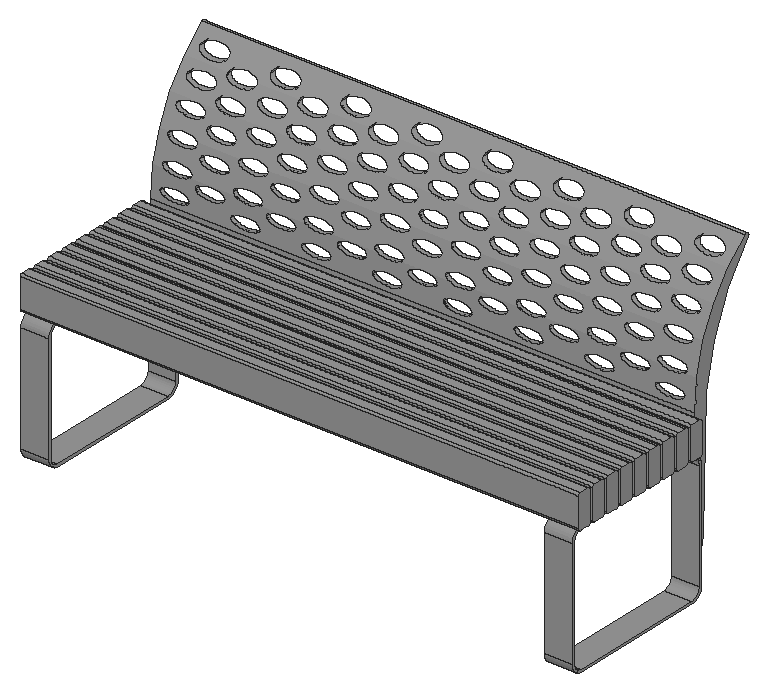
Revit family "Скамейка стальная «Галактика» Арт 14201", category Антураж, Revit 2018 (continued)
Forms (mm)
  Extrusion 15, void
    sketch origin (0, 0, 0) x (1, 0, 0) y (0, 0, 1)
      loop
        spline (1455, 717.642) -> (1453.637, 721.524) -> (1449.641, 725.142) -> (1443.284, 728.248) -> (1435, 730.632) -> (1425.353, 732.131) -> (1415, 732.642) -> (1404.647, 732.131) -> (1395, 730.632) -> (1386.716, 728.248) -> (1380.359, 725.142) -> (1376.363, 721.524) -> (1375, 717.642)
      loop
        spline (1375, 767.642) -> (1376.363, 763.759) -> (1380.359, 760.142) -> (1386.716, 757.035) -> (1395, 754.651) -> (1404.647, 753.153) -> (1415, 752.642) -> (1425.353, 753.153) -> (1435, 754.651) -> (1443.284, 757.035) -> (1449.641, 760.142) -> (1453.637, 763.759) -> (1455, 767.642)
        spline (1455, 767.642) -> (1453.637, 771.524) -> (1449.641, 775.142) -> (1443.284, 778.248) -> (1435, 780.632) -> (1425.353, 782.131) -> (1415, 782.642) -> (1404.647, 782.131) -> (1395, 780.632) -> (1386.716, 778.248) -> (1380.359, 775.142) -> (1376.363, 771.524) -> (1375, 767.642)
    from -610.79 to -420
Cuts and joins
  Extrusion 15 cuts Extrusion 12
  joined: Extrusion 12, Extrusion 13, Extrusion 14
Dimensions and locks
  "Длина": plane 3 "По центру (Влево/Вправо)" to plane 4
  "Ширина": plane 5 to plane 1 "По центру (Вперед/Назад)"
  "Высота": plane 6 to plane 2
  equal spacing: group 1, group 3, group 4, group 5, group 6, group 7, group 8, group 9, group 2  (x2)
  equal spacing: group 2, group 9, group 8, group 7, group 6, group 5, group 4, group 3, group 1
  aligned and locked: level to plane 2
Automatic sketch dimensions
  Extrusion 3 sketch curve to Extrusion 3 sketch curve = 5 mm  (x3)
  Extrusion 3 sketch curve to Extrusion 3 sketch curve = 25 mm  (x2)
  Extrusion 3 sketch curve to Extrusion 3 sketch curve = 80 mm
  Extrusion 4 sketch curve to Extrusion 4 sketch curve = 5 mm  (x3)
  Extrusion 4 sketch curve to Extrusion 4 sketch curve = 25 mm  (x2)
  Extrusion 4 sketch curve to Extrusion 4 sketch curve = 80 mm
  Extrusion 5 sketch curve to Extrusion 5 sketch curve = 5 mm  (x3)
  Extrusion 5 sketch curve to Extrusion 5 sketch curve = 25 mm  (x2)
  Extrusion 5 sketch curve to Extrusion 5 sketch curve = 80 mm
  Extrusion 6 sketch curve to Extrusion 6 sketch curve = 5 mm  (x3)
  Extrusion 6 sketch curve to Extrusion 6 sketch curve = 25 mm  (x2)
  Extrusion 6 sketch curve to Extrusion 6 sketch curve = 80 mm
  Extrusion 7 sketch curve to Extrusion 7 sketch curve = 5 mm  (x3)
  Extrusion 7 sketch curve to Extrusion 7 sketch curve = 25 mm  (x2)
  Extrusion 7 sketch curve to Extrusion 7 sketch curve = 80 mm
  Extrusion 8 sketch curve to Extrusion 8 sketch curve = 5 mm  (x3)
  Extrusion 8 sketch curve to Extrusion 8 sketch curve = 25 mm  (x2)
  Extrusion 8 sketch curve to Extrusion 8 sketch curve = 80 mm
  Extrusion 9 sketch curve to Extrusion 9 sketch curve = 5 mm  (x3)
  Extrusion 9 sketch curve to Extrusion 9 sketch curve = 25 mm  (x2)
  Extrusion 9 sketch curve to Extrusion 9 sketch curve = 80 mm
  Extrusion 10 sketch curve to Extrusion 10 sketch curve = 5 mm  (x3)
  Extrusion 10 sketch curve to Extrusion 10 sketch curve = 25 mm  (x2)
  Extrusion 10 sketch curve to Extrusion 10 sketch curve = 80 mm
  Extrusion 11 sketch curve to Extrusion 11 sketch curve = 5 mm  (x3)
  Extrusion 11 sketch curve to Extrusion 11 sketch curve = 25 mm  (x2)
  Extrusion 11 sketch curve to Extrusion 11 sketch curve = 80 mm
  Extrusion 1 sketch curve to Extrusion 1 sketch curve = 0 mm  (x8)
  Extrusion 1 sketch curve to plane 1 "По центру (Вперед/Назад)" = 0 mm
  Extrusion 1 sketch curve to level = 0 mm
  Extrusion 1 sketch curve to Extrusion 1 sketch curve = 5 mm
  Extrusion 1 sketch curve to Extrusion 1 sketch curve = 25 mm  (x2)
  Extrusion 1 sketch curve to plane 1 "По центру (Вперед/Назад)" = 30 mm
  Extrusion 1 sketch curve to plane 5 = 207.856 mm  (x2)
  Extrusion 1 sketch curve to Extrusion 1 sketch curve = 290 mm
  Extrusion 2 sketch curve to Extrusion 2 sketch curve = 0 mm  (x8)
  Extrusion 2 sketch curve to plane 1 "По центру (Вперед/Назад)" = 0 mm
  Extrusion 2 sketch curve to level = 0 mm
  Extrusion 2 sketch curve to Extrusion 2 sketch curve = 5 mm
  Extrusion 2 sketch curve to Extrusion 2 sketch curve = 25 mm  (x2)
  Extrusion 2 sketch curve to plane 1 "По центру (Вперед/Назад)" = 30 mm
  Extrusion 2 sketch curve to plane 5 = 207.856 mm  (x2)
  Extrusion 2 sketch curve to Extrusion 2 sketch curve = 290 mm
  Extrusion 12 sketch curve to Extrusion 12 sketch curve = 0 mm  (x2)
  Extrusion 12 sketch curve to plane 6 = 0 mm  (x2)
  Extrusion 12 sketch curve to plane 5 = 187.856 mm
  Extrusion 12 sketch curve to Extrusion 12 sketch curve = 10 mm
  Extrusion 12 sketch curve to plane 6 = 3.946 mm
  Extrusion 12 sketch curve to plane 5 = 12.395 mm
  plane 5 to Extrusion 12 sketch curve = 259.022 mm
  Extrusion 12 sketch curve to Extrusion 12 sketch curve = 97.358 mm
  Extrusion 13 sketch curve to plane 5 = 161.721 mm
  Extrusion 13 sketch curve to Extrusion 13 sketch curve = 16.135 mm
  Extrusion 13 sketch curve to Extrusion 13 sketch curve = 122.347 mm
  Extrusion 13 sketch curve to Extrusion 13 sketch curve = 203.373 mm
  level to Extrusion 13 sketch curve = 82.415 mm
  Extrusion 13 sketch curve to Extrusion 13 sketch curve = 60.217 mm
  level to Extrusion 13 sketch curve = 392.387 mm
  Extrusion 13 sketch curve to Extrusion 13 sketch curve = 54.971 mm
  Extrusion 13 sketch curve to plane 5 = 9.324 mm
  Extrusion 13 sketch curve to Extrusion 13 sketch curve = 27.827 mm
  Extrusion 13 sketch curve to Extrusion 13 sketch curve = 30.07 mm
  Extrusion 14 sketch curve to plane 5 = 300.203 mm
  Extrusion 14 sketch curve to plane 5 = 177.856 mm
  level to Extrusion 14 sketch curve = 142.633 mm
  Extrusion 14 sketch curve to Extrusion 14 sketch curve = 16.135 mm
  Extrusion 14 sketch curve to Extrusion 14 sketch curve = 27.827 mm
  plane 5 to Extrusion 14 sketch curve = 259.022 mm
  Extrusion 14 sketch curve to Extrusion 14 sketch curve = 203.373 mm
  Extrusion 14 sketch curve to Extrusion 14 sketch curve = 60.217 mm
  level to Extrusion 14 sketch curve = 392.387 mm
  Extrusion 14 sketch curve to Extrusion 14 sketch curve = 304.726 mm
  Extrusion 14 sketch curve to Extrusion 14 sketch curve = 30.07 mm
  Extrusion 15 sketch curve to plane 6 = 32.358 mm  (x8)
  plane 3 "По центру (Влево/Вправо)" to Extrusion 15 sketch curve = 45 mm
  Extrusion 15 sketch curve to Extrusion 15 sketch curve = 0 mm  (x45)
  Extrusion 15 sketch curve to Extrusion 15 sketch curve = 40 mm  (x83)
  Extrusion 15 sketch curve to Extrusion 15 sketch curve = 52.5 mm  (x21)
  Extrusion 15 sketch curve to Extrusion 15 sketch curve = 57.5 mm  (x16)
  Extrusion 15 sketch curve to plane 6 = 57.358 mm  (x7)
  Extrusion 15 sketch curve to Extrusion 15 sketch curve = 25 mm  (x19)
  Extrusion 15 sketch curve to Extrusion 15 sketch curve = 50 mm  (x9)
  Extrusion 15 sketch curve to Extrusion 15 sketch curve = 55 mm  (x15)
  Extrusion 15 sketch curve to Extrusion 15 sketch curve = 60 mm  (x17)
  Extrusion 15 sketch curve to Extrusion 15 sketch curve = 65 mm  (x8)
